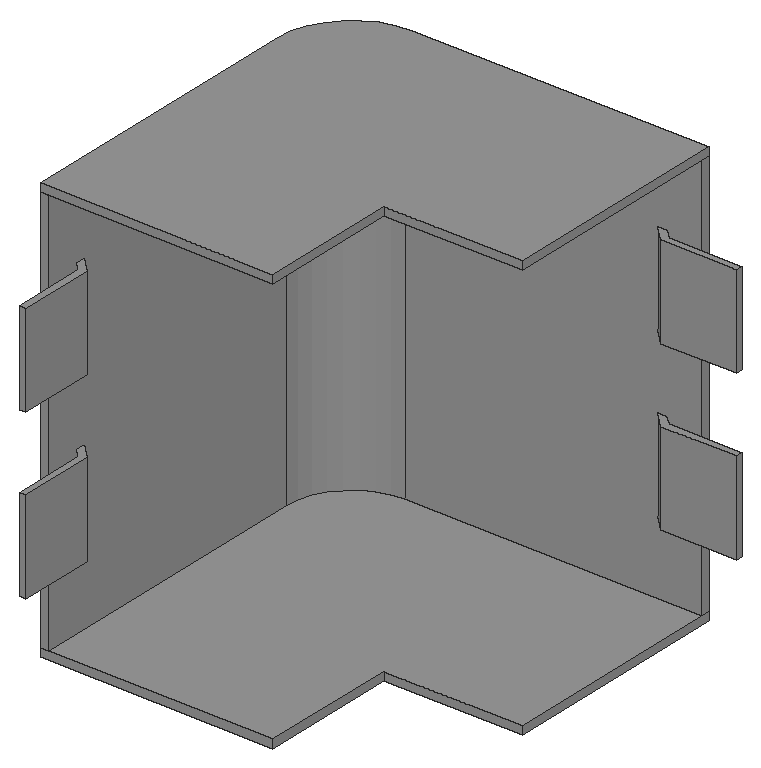
Revit family "Außeneckhaube WDK HA 60110RW", category Generic Models, Revit 2017
Family settings
  Can host rebar = No
  Round Connector Dimension = Use Diameter
  Part Type = Normal
  Work Plane-Based = No
  Always vertical = Yes
  Cut with Voids When Loaded = No
  Shared = No
  Room Calculation Point = No
Parameters (values of type "WDK HA60110RW")
  Width = 110 mm
  URL = "http://www.obo-bettermann.com"
  Material = Polyvinylchlorid
  Manufacturer Art.No. = "6192335"
  Manufacturer = "OBO BETTERMANN"
  Height = 60 mm
  GTIN = "4012196354559"
  Article Type = "WDK HA60110RW"
Reference planes
  plane 1 "Center (Front/Back)": y = 0
  plane 2: z = 4.008
  plane 3 "Center (Left/Right)": x = 0
  plane 4: z = 118.408
  plane 5: z = 116.208
  plane 6: z = 61.008
  plane 7: y = 95.3
  plane 8: x = 93
  plane 9: x = 112.7
  plane 10: z = 71.008
  plane 11: z = 51.008
  plane 12: z = 96.008
  plane 13: x = 88.157
  plane 14: x = 100
  plane 15: through (100, 0, 1204.008) normal (-0.7071, -0.7071, 0)
Forms (mm)
  Extrusion 1, solid, material "Polyvinylchlorid" <- "Material"
    sketch origin (0, 0, 4.008) x (1, 0, 0) y (0, 1, 0)
      loop
        line (0, 0) -> (62.7, 0) -> (62.7, 37.3) -> (100, 37.3) -> (100, 100) -> (20, 100)
        arc (20, 100) -> (5.858, 94.142) -> (0, 80) r 20
        line (0, 80) -> (0, 0)
    from 112.2 to 114.4
  Extrusion 2, solid, material "Polyvinylchlorid" <- "Material"
    sketch origin (0, 0, -105.992) x (0, -1, 0) y (1, 0, 0)
      loop
        line (0, 0) -> (0, 62.7) -> (-37.3, 62.7) -> (-37.3, 100) -> (-100, 100) -> (-100, 20)
        arc (-100, 20) -> (-94.142, 5.858) -> (-80, 0) r 20
        line (-80, 0) -> (0, 0)
    from 112.2 to 110
  Extrusion 3, solid, material "Polyvinylchlorid" <- "Material"
    sketch origin (0, 0, 4.008) x (1, 0, 0) y (0, 1, 0)
      loop
        line (100, 100) -> (20, 100)
        arc (20, 100) -> (5.858, 94.142) -> (0, 80) r 20
        line (0, 80) -> (0, 0) -> (2.2, 0) -> (2.2, 80)
        arc (2.2, 80) -> (7.413, 92.587) -> (20, 97.8) r 17.8
        line (20, 97.8) -> (100, 97.8) -> (100, 100)
    from 2.2 to 112.2
  Extrusion 4, solid, material "Polyvinylchlorid" <- "Material"
    sketch origin (0, 0, 4.008) x (1, 0, 0) y (0, 1, 0)
      loop
        line (93.044, 95.3) -> (90.456, 97.8) -> (88.157, 97.8) -> (92.335, 93.622) -> (112.7, 93.622) -> (112.7, 95.3) -> (93.044, 95.3)
    from 67 to 92
  Extrusion 5, solid, material "Polyvinylchlorid" <- "Material"
    sketch origin (-0.077, 0, -40.992) x (0, -1, 0) y (1, 0, 0)
      loop
        line (-95.3, 93.044) -> (-97.8, 90.456) -> (-97.8, 88.157) -> (-93.622, 92.412) -> (-93.622, 112.777) -> (-95.3, 112.777) -> (-95.3, 93.044)
    from 67 to 92
  Extrusion 6, solid, material "Polyvinylchlorid" <- "Material"
    sketch origin (100, 99.902, 4.008) x (0, -1, 0) y (1, 0, 0)
      loop
        line (93.044, -95.3) -> (112.7, -95.3) -> (112.7, -93.622) -> (92.335, -93.622) -> (88.157, -97.8) -> (90.456, -97.8) -> (93.044, -95.3)
    from 67 to 92
  Extrusion 7, solid, material "Polyvinylchlorid" <- "Material"
    sketch origin (100, 99.902, -40.992) x (-1, 0, 0) y (0, -1, 0)
      loop
        line (95.3, 93.143) -> (95.3, 112.7) -> (93.622, 112.7) -> (93.622, 92.335) -> (97.8, 88.157) -> (97.8, 90.456) -> (95.3, 93.143)
    from 67 to 92
Dimensions and locks
  Extrusion 1 sketch curve to Extrusion 1 sketch curve = 62.7 mm
  locked: Extrusion 1 sketch curve to Extrusion 1 sketch curve at 62.7
  locked: Extrusion 1 sketch curve to Extrusion 1 sketch curve at 100  (x2)
  locked: plane 4 to level at 114.4
  locked: Extrusion 1 to Extrusion 1 at 2.2
  locked: plane 6 to level at 57
  Extrusion 2 sketch curve to Extrusion 2 sketch curve = 62.7 mm
  locked: Extrusion 2 sketch curve to Extrusion 2 sketch curve at 62.7
  locked: Extrusion 2 sketch curve to Extrusion 2 sketch curve at 100  (x2)
  locked: Extrusion 2 to Extrusion 2 at 2.2
  locked: Extrusion 1 to Extrusion 3 sketch curve at 2.2  (x2)
  locked: Extrusion 1 to Extrusion 1 at 100  (x2)
  locked: plane 8 to Extrusion 1 at 7  (x2)
  locked: plane 8 to plane 9 at 19.7
  locked: Extrusion 4 sketch curve to Extrusion 4 sketch curve at 20.365
  locked: Extrusion 4 sketch curve to Extrusion 4 sketch curve at 1.678
  locked: Extrusion 5 sketch curve to Extrusion 5 sketch curve at 20.365
  locked: Extrusion 5 sketch curve to Extrusion 5 sketch curve at 1.678
  locked: Extrusion 6 sketch curve to Extrusion 6 sketch curve at 20.365
  locked: Extrusion 6 sketch curve to Extrusion 6 sketch curve at 1.678
  locked: Extrusion 7 sketch curve to Extrusion 7 sketch curve at 20.365
  locked: Extrusion 7 sketch curve to Extrusion 7 sketch curve at 1.678
  locked: Extrusion 4 sketch curve to Extrusion 3 (angle 44.00°)
  aligned and locked: level to plane 2
  aligned and locked: Extrusion 1 to plane 3 "Center (Left/Right)"
  aligned and locked: plane 1 "Center (Front/Back)" to Extrusion 1
  aligned and locked: plane 4 to Extrusion 1
  aligned and locked: Extrusion 1 to plane 5
  aligned and locked: Extrusion 2 to level
  aligned and locked: plane 1 "Center (Front/Back)" to Extrusion 2
  aligned and locked: Extrusion 3 sketch curve to Extrusion 1
  aligned and locked: Extrusion 1 to Extrusion 3
  aligned and locked: plane 1 "Center (Front/Back)" to Extrusion 3
  aligned and locked: Extrusion 3 to plane 3 "Center (Left/Right)"
  aligned and locked: Extrusion 3 to Extrusion 2
  aligned and locked: Extrusion 3 to Extrusion 1
  aligned and locked: Extrusion 4 sketch curve to plane 7
  aligned and locked: Extrusion 4 sketch curve to plane 9
  aligned and locked: Extrusion 4 sketch curve to Extrusion 3
  aligned and locked: plane 9 to Extrusion 4
  aligned and locked: Extrusion 4 to Extrusion 3
  aligned and locked: Extrusion 4 to plane 10
  aligned and locked: plane 12 to Extrusion 4
  aligned and locked: plane 9 to Extrusion 5
  aligned and locked: plane 13 to Extrusion 4
  aligned and locked: Extrusion 7 to Extrusion 6
  aligned and locked: Extrusion 6 to Extrusion 7
Automatic sketch dimensions
  Extrusion 1 sketch curve to plane 3 "Center (Left/Right)" = 0 mm
  Extrusion 1 sketch curve to plane 15 = 0 mm
  Extrusion 1 sketch curve to plane 7 = 15.3 mm
  Extrusion 2 sketch curve to plane 14 = 0 mm
  Extrusion 2 sketch curve to plane 15 = 0 mm
  Extrusion 2 sketch curve to plane 7 = 15.3 mm
  Extrusion 3 sketch curve to Extrusion 3 sketch curve = 0 mm  (x2)
  Extrusion 3 sketch curve to plane 3 "Center (Left/Right)" = 0 mm
  Extrusion 3 sketch curve to plane 14 = 0 mm
  Extrusion 3 sketch curve to plane 7 = 15.3 mm
  Extrusion 4 sketch curve to plane 13 = 0 mm
  Extrusion 4 sketch curve to Extrusion 4 sketch curve = 2.299 mm
  Extrusion 5 sketch curve to plane 7 = 0 mm
  Extrusion 5 sketch curve to plane 9 = 0 mm
  Extrusion 5 sketch curve to plane 13 = 0.077 mm
  plane 7 to Extrusion 5 sketch curve = 2.5 mm
  plane 13 to Extrusion 5 sketch curve = 2.222 mm
  Extrusion 5 sketch curve to plane 8 = 0.033 mm
  Extrusion 6 sketch curve to plane 3 "Center (Left/Right)" = 2.2 mm
  plane 1 "Center (Front/Back)" to Extrusion 6 sketch curve = 11.745 mm
  Extrusion 6 sketch curve to Extrusion 6 sketch curve = 2.299 mm
  Extrusion 6 sketch curve to Extrusion 6 sketch curve = 1.879 mm
  Extrusion 6 sketch curve to Extrusion 6 sketch curve = 0.71 mm
  Extrusion 6 sketch curve to plane 3 "Center (Left/Right)" = 4.7 mm
  plane 3 "Center (Left/Right)" to Extrusion 7 sketch curve = 6.378 mm
  plane 3 "Center (Left/Right)" to Extrusion 7 sketch curve = 2.2 mm
  Extrusion 7 sketch curve to plane 1 "Center (Front/Back)" = 11.745 mm
  Extrusion 7 sketch curve to Extrusion 7 sketch curve = 2.299 mm
  Extrusion 7 sketch curve to Extrusion 7 sketch curve = 1.879 mm
  Extrusion 7 sketch curve to Extrusion 7 sketch curve = 0.808 mm
